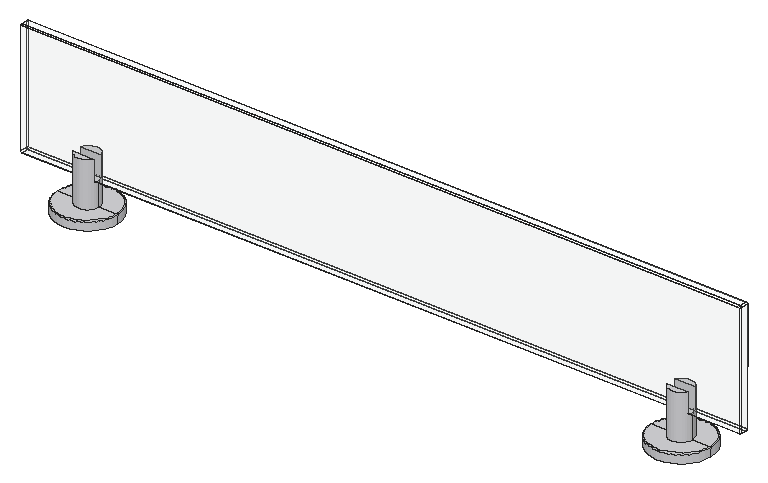
Revit family "Accessory-Shelf-KOHLER-Stillness-K-14455", category Specialty Equipment, host Face, Revit 2015
Parameters (values of type "CP- Polished Chrome")
  Width = 4 5/8"  # constant formula
  WaterSense Certified = 1 = 0  # no
  URL = "https://www.us.kohler.com/us/"
  Type = 1
  Product Page URL = "http://www.us.kohler.com/us/catalog/productDetails.jsp?productNumber=14455"
  Product Name = "Stillness"  # constant formula
  Product Documentation Link = "https://www.us.kohler.com/webassets/kpna/catalog/pdf/en/K-14455_spec.pdf"
  Model = if(Type = 1, "K-14455-CP", if(Type = 2, "K-14455-BN", "NA"))  # "K-14455-CP"
  Material = "Solid-brass construction"  # constant formula
  MasterFormat 2004 = "10.28.13"  # constant formula
  MasterFormat 1995 = "10820"  # constant formula
  Manufacturer Address = "444 Highland Dr, Kohler, WI 53044"  # constant formula
  Manufacturer = "KOHLER Co."  # constant formula
  Length = 22 1/2"  # constant formula
  Height = 1 7/8"  # constant formula
  Finish = Kohler-Metal-CP-Polished_Chrome
  Environmental Product Declaration = ""
  Description = "Glass Shelf"  # constant formula
  Default Elevation = 42"
  Declare Label = ""
  Date Modified = "06/06/2019"  # constant formula
  Date Created = "06/06/2019"  # constant formula
  Copyright = "Copyright KOHLER Co."  # constant formula
  Contact Us = "https://www.us.kohler.com/us/static/contact.jsp"
  Assembly Code = "C1030200"
  ADA Compliant = 1 = 0  # no
Types (3): name | Type | Model | Finish
  (no name) | 1 | "K-14455-CP" | Kohler-Metal-CP-Polished_Chrome
  CP- Polished Chrome | 1 | "K-14455-CP" | Kohler-Metal-CP-Polished_Chrome
  BN- Vibrant Brushed Nickel | 2 | "K-14455-BN" | Kohler-Metal-BN-Vibrant_Brushed_Nickel
Reference planes (in)
  plane 1 "Center (Front/Back)": y = 0
  plane 2: z = 0
  plane 3 "Center (Left/Right)": x = 0
  plane 4: y = 0.9375
  plane 5: y = -0.9375
  plane 6: x = -8.3125
  plane 7: x = -10.1875
  plane 8: x = 9.25
  plane 9: x = 10.1875
  plane 10: x = 8.3125
  plane 11: x = 11.25
  plane 12: x = -11.25
  plane 13: x = -9.25
  plane 14: z = 1.00492
  plane 15: z = 4.625
Dimensions and locks (in)
  "Length": plane 12 to plane 11
  locked: plane 13 to plane 8 at 18.5
  plane 6 to plane 7 = 1 7/8"
  "Width": plane 15 to plane 2
  "Height": plane 4 to plane 5
  aligned and locked: plane 2 to host face
  aligned and locked: level to host face
Automatic sketch dimensions
  host sketch curve to host sketch curve = 96"  (x2)
Nested families (in)
  nested 1: "K-14455" at (0, 0, 0), type "K-14455"
Definition of nested family "K-14455"
  Parameters (values of type "K-14455")
    Material = none
  Reference planes (in)
    plane 1 "Center (Front/Back)": y = 0
    plane 2: z = 0
    plane 3 "Center (Left/Right)": x = 0
    plane 4: x = -11.25
    plane 5: x = 11.25
    plane 6: z = 4.625
    plane 7: y = 0.9375
    plane 8: y = -0.9375
    plane 9: y = -0.9375
    plane 10: x = -9.25
    plane 11: x = 9.25
    plane 12: x = -10.1875
    plane 13: x = -8.3125
    plane 14: x = 10.1875
    plane 15: x = 8.3125
    plane 16: z = 1.00492
  Forms (in)
    Revolve 1, solid, material <- "Material", detail levels medium+fine
      sketch origin (0, 0, 0) x (1, 0, 0) y (0, 0, 1)
        loop
          line (-9.25, 0) -> (-9.25, 1.65354) -> (-9.6063, 1.65354) -> (-9.6063, 0.27559) -> (-10.16653, 0.27559)
          arc (-10.16653, 0.27559) -> (-10.18136, 0.26945) -> (-10.1875, 0.25462) r 0.02097
          line (-10.1875, 0.25462) -> (-10.1875, 0) -> (-9.25, 0)
        axis (-9.25, 0) -> (-9.25, 1.65354)
      angle from 0 to 360
    Revolve 2, solid, material <- "Material", detail levels medium+fine
      sketch origin (0, 0, 0) x (-1, 0, 0) y (0, 0, 1)
        loop
          line (-9.25, 0) -> (-9.25, 1.65354) -> (-9.6063, 1.65354) -> (-9.6063, 0.27559) -> (-10.16653, 0.27559)
          arc (-10.16653, 0.27559) -> (-10.18136, 0.26945) -> (-10.1875, 0.25462) r 0.02097
          line (-10.1875, 0.25462) -> (-10.1875, 0) -> (-9.25, 0)
        axis (-9.25, 0) -> (-9.25, 1.65354)
      angle from 0 to 360
    Sweep 3, solid, detail levels medium+fine
      path origin (0, 0, 0) x (1, 0, 0) y (0, 0, 1)
        loop
          line (-11.21063, 4.56046) -> (-11.21063, 1.06946) -> (-11.18546, 1.04429) -> (11.18546, 1.04429) -> (11.21063, 1.06946) -> (11.21063, 4.56046) -> (11.18546, 4.58563) -> (-11.18546, 4.58563) -> (-11.21063, 4.56046)
      profile origin (-11.21063, 0, 4.56046) x (0, -1, 0) y (1, 0, 0)
        loop
          line (0.11811, -0.03937) -> (0.15748, 0) -> (-0.15748, 0) -> (-0.11811, -0.03937) -> (0.11811, -0.03937)
    Extrusion 4, solid, detail levels medium+fine
      sketch origin (0, 0, 0) x (1, 0, 0) y (0, 0, 1)
        loop
          line (-11.21063, 1.06946) -> (-11.18546, 1.04429) -> (11.18546, 1.04429) -> (11.21063, 1.06946) -> (11.21063, 4.56046) -> (11.18546, 4.58563) -> (-11.18546, 4.58563) -> (-11.21063, 4.56046) -> (-11.21063, 1.06946)
      from -0.15748 to 0.15748
    Extrusion 5, void
      sketch origin (0, 0, 0) x (0, 1, 0) y (0, 0, 1)
        loop
          line (-0.15748, 1.65354) -> (-0.15748, 1.00492) -> (0.15748, 1.00492) -> (0.15748, 1.65354) -> (0.3563, 1.65354) -> (0.3563, 1.80108) -> (-0.3563, 1.80108) -> (-0.3563, 1.65354) -> (-0.15748, 1.65354)
      from -12.08822 to 12
    Revolve 6, solid, material <- "Material", detail levels coarse
      sketch origin (0, 0, 0) x (1, 0, 0) y (0, 0, 1)
        loop
          line (-9.6063, 1.65354) -> (-9.6063, 0.27559) -> (-10.1875, 0.27559) -> (-10.1875, 0) -> (-9.25, 0) -> (-9.25, 1.65354) -> (-9.6063, 1.65354)
        axis (-9.25, 0) -> (-9.25, 1.65354)
      angle from 0 to 360
    Revolve 7, solid, material <- "Material", detail levels coarse
      sketch origin (0, 0, 0) x (-1, 0, 0) y (0, 0, 1)
        loop
          line (-9.6063, 1.65354) -> (-9.6063, 0.27559) -> (-10.1875, 0.27559) -> (-10.1875, 0) -> (-9.25, 0) -> (-9.25, 1.65354) -> (-9.6063, 1.65354)
        axis (-9.25, 0) -> (-9.25, 1.65354)
      angle from 0 to 360
    Extrusion 8, solid, detail levels coarse
      sketch origin (0, 0, 0) x (1, 0, 0) y (0, 0, 1)
        loop
          line (-11.25, 4.625) -> (-11.25, 1.00492) -> (11.25, 1.00492) -> (11.25, 4.625) -> (-11.25, 4.625)
      from -0.15748 to 0.15748
  Cuts and joins
    joined: Sweep 3, Extrusion 4
    Extrusion 5 cuts Revolve 1
    Extrusion 5 cuts Revolve 2
    joined: Revolve 1, Revolve 2
    joined: Revolve 6, Revolve 7
  Lines and regions (in)
    Masking region 1
      outline origin (0, 0, 0) x (1, 0, 0) y (0, 0, 1)
        loop
          line (-11.25, 4.57677) -> (-11.25, 1.05315) -> (-11.20177, 1.00492) -> (-9.6063, 1.00492) -> (-9.6063, 0.27559) -> (-10.16653, 0.27559)
          arc (-10.16653, 0.27559) -> (-10.18136, 0.26945) -> (-10.1875, 0.25462) r 0.02097
          line (-10.1875, 0.25462) -> (-10.1875, 0) -> (-8.3125, 0) -> (-8.3125, 0.25462)
          arc (-8.3125, 0.25462) -> (-8.31864, 0.26945) -> (-8.33347, 0.27559) r 0.02097
          line (-8.33347, 0.27559) -> (-8.8937, 0.27559) -> (-8.8937, 1.00492) -> (8.8937, 1.00492) -> (8.8937, 0.27559) -> (8.33347, 0.27559)
          arc (8.33347, 0.27559) -> (8.31864, 0.26945) -> (8.3125, 0.25462) r 0.02097
          line (8.3125, 0.25462) -> (8.3125, 0) -> (10.1875, 0) -> (10.1875, 0.25462)
          arc (10.1875, 0.25462) -> (10.18136, 0.26945) -> (10.16653, 0.27559) r 0.02097
          line (10.16653, 0.27559) -> (9.6063, 0.27559) -> (9.6063, 1.00492) -> (11.20177, 1.00492) -> (11.25, 1.05315) -> (11.25, 4.57677) -> (11.20177, 4.625) -> (-11.20177, 4.625) -> (-11.25, 4.57677)
    Masking region 2
      outline origin (0, 0, 0) x (0, 1, 0) y (0, 0, 1)
        loop
          line (0.15748, 1.65354) -> (0.15748, 4.58563) -> (0.11811, 4.625) -> (-0.11811, 4.625) -> (-0.15748, 4.58563) -> (-0.15748, 1.65354) -> (-0.3563, 1.65354) -> (-0.3563, 0.27559) -> (-0.917, 0.27559)
          arc (-0.917, 0.27559) -> (-0.9315, 0.26959) -> (-0.9375, 0.25509) r 0.0205
          line (-0.9375, 0.25509) -> (-0.9375, 0) -> (0.9375, 0) -> (0.9375, 0.25509)
          arc (0.9375, 0.25509) -> (0.9315, 0.26959) -> (0.917, 0.27559) r 0.0205
          line (0.917, 0.27559) -> (0.3563, 0.27559) -> (0.3563, 1.65354) -> (0.15748, 1.65354)
    Masking region 3
      outline origin (0, 0, 0) x (1, 0, 0) y (0, 1, 0)
        loop
          arc (-9.25, 0.9375) -> (-9.85468, 0.71643) -> (-10.17418, 0.15748) r 0.9375
          line (-10.17418, 0.15748) -> (-11.21063, 0.15748) -> (-11.25, 0.11811) -> (-11.25, -0.11811) -> (-11.21063, -0.15748) -> (-10.17418, -0.15748)
          arc (-10.17418, -0.15748) -> (-9.85468, -0.71643) -> (-9.25, -0.9375) r 0.9375
          arc (-9.25, -0.9375) -> (-8.64532, -0.71643) -> (-8.32582, -0.15748) r 0.9375
          line (-8.32582, -0.15748) -> (8.32582, -0.15748)
          arc (8.32582, -0.15748) -> (8.64532, -0.71643) -> (9.25, -0.9375) r 0.9375
          arc (9.25, -0.9375) -> (9.85468, -0.71643) -> (10.17418, -0.15748) r 0.9375
          line (10.17418, -0.15748) -> (11.21063, -0.15748) -> (11.25, -0.11811) -> (11.25, 0.11811) -> (11.21063, 0.15748) -> (10.17418, 0.15748)
          arc (10.17418, 0.15748) -> (9.85468, 0.71643) -> (9.25, 0.9375) r 0.9375
          arc (9.25, 0.9375) -> (8.64532, 0.71643) -> (8.32582, 0.15748) r 0.9375
          line (8.32582, 0.15748) -> (-8.32582, 0.15748)
          arc (-8.32582, 0.15748) -> (-8.64532, 0.71643) -> (-9.25, 0.9375) r 0.9375
    symbolic lines, detail levels medium+fine
      curve 1: line (-9.6063, 0, 1.00492) -> (-9.56961, 0, 1.00492)
      curve 2: line (-9.56961, 0, 1.00492) -> (-9.56961, 0, 1.65354)
      curve 3: line (-9.56961, 0, 1.65354) -> (-8.93039, 0, 1.65354)
      curve 4: line (-8.93039, 0, 1.65354) -> (-8.93039, 0, 1.00492)
      curve 5: line (-8.93039, 0, 1.00492) -> (-8.8937, 0, 1.00492)
      curve 6: line (9.6063, 0, 1.00492) -> (9.56961, 0, 1.00492)
      curve 7: line (9.56961, 0, 1.00492) -> (9.56961, 0, 1.65354)
      curve 8: line (9.56961, 0, 1.65354) -> (8.93039, 0, 1.65354)
      curve 9: line (8.93039, 0, 1.65354) -> (8.93039, 0, 1.00492)
      curve 10: line (8.93039, 0, 1.00492) -> (8.8937, 0, 1.00492)
      curve 11: line (-9.6063, 0, 0.27559) -> (-8.8937, 0, 0.27559)
      curve 12: line (8.8937, 0, 0.27559) -> (9.6063, 0, 0.27559)
      curve 13: line (0, 0.15748, 1.65354) -> (0, 0.15748, 1.00492)
      curve 14: line (0, 0.15748, 1.00492) -> (0, -0.15748, 1.00492)
      curve 15: line (0, -0.15748, 1.00492) -> (0, -0.15748, 1.65354)
      curve 16: line (0, 0.3563, 0.27559) -> (0, -0.3563, 0.27559)
      curve 17: line (0, -0.9375, 0.25509) -> (0, 0.9375, 0.25509)
      curve 18: line (-10.1875, 0, 0.25462) -> (-8.3125, 0, 0.25462)
      curve 19: line (8.3125, 0, 0.25462) -> (10.1875, 0, 0.25462)
      curve 20: line (-10.17418, 0.15748, 0) -> (-9.56961, 0.15748, 0)
      curve 21: line (-10.17418, -0.15748, 0) -> (-9.56961, -0.15748, 0)
      curve 22: line (-8.32582, 0.15748, 0) -> (-8.93039, 0.15748, 0)
      curve 23: line (-8.32582, -0.15748, 0) -> (-8.93039, -0.15748, 0)
      curve 24: arc (-9.56961, -0.15748, 0) -> (-9.40748, 0.31961, 0) -> (-8.93039, 0.15748, 0) r 0.3563
      curve 25: line (-9.56961, 0.15748, 0) -> (-8.93039, 0.15748, 0)
      curve 26: arc (-9.56961, -0.15748, 0) -> (-9.09252, -0.31961, 0) -> (-8.93039, 0.15748, 0) r 0.3563
      curve 27: line (-9.56961, -0.15748, 0) -> (-8.93039, -0.15748, 0)
      curve 28: line (10.17418, 0.15748, 0) -> (9.56961, 0.15748, 0)
      curve 29: line (10.17418, -0.15748, 0) -> (9.56961, -0.15748, 0)
      curve 30: line (8.32582, 0.15748, 0) -> (8.93039, 0.15748, 0)
      curve 31: line (8.32582, -0.15748, 0) -> (8.93039, -0.15748, 0)
      curve 32: arc (9.56961, -0.15748, 0) -> (9.25, 0.3563, 0) -> (8.93039, -0.15748, 0) r 0.3563
      curve 33: line (9.56961, 0.15748, 0) -> (8.93039, 0.15748, 0)
      curve 34: arc (9.56961, -0.15748, 0) -> (9.25, -0.3563, 0) -> (8.93039, -0.15748, 0) r 0.3563
      curve 35: line (9.56961, -0.15748, 0) -> (8.93039, -0.15748, 0)
      curve 36: line (-11.18546, 0.15748, 0) -> (-11.20177, 0.11811, 0)
      curve 37: line (-11.20177, 0.11811, 0) -> (-11.25, 0.11811, 0)
      curve 38: line (11.20177, 0.11811, 0) -> (-11.20177, 0.11811, 0)
      curve 39: line (-11.25, -0.11811, 0) -> (-11.20177, -0.11811, 0)
      curve 40: line (-11.20177, -0.11811, 0) -> (-11.18546, -0.15748, 0)
      curve 41: line (-11.20177, -0.11811, 0) -> (11.20177, -0.11811, 0)
      curve 42: line (-11.20177, 0.11811, 0) -> (-11.20177, -0.11811, 0)
      curve 43: line (11.18546, 0.15748, 0) -> (11.20177, 0.11811, 0)
      curve 44: line (11.20177, 0.11811, 0) -> (11.20177, -0.11811, 0)
      curve 45: line (11.20177, -0.11811, 0) -> (11.18546, -0.15748, 0)
      curve 46: line (11.25, 0.11811, 0) -> (11.20177, 0.11811, 0)
      curve 47: line (11.20177, -0.11811, 0) -> (11.25, -0.11811, 0)
      curve 48: arc (-10.17418, -0.15748, 0) -> (-10.1875, 0, 0) -> (-10.17418, 0.15748, 0) r 0.9375
      curve 49: arc (-8.32582, -0.15748, 0) -> (-8.3125, 0, 0) -> (-8.32582, 0.15748, 0) r 0.9375
      curve 50: arc (10.17418, -0.15748, 0) -> (10.1875, 0, 0) -> (10.17418, 0.15748, 0) r 0.9375
      curve 51: arc (8.32582, -0.15748, 0) -> (8.3125, 0, 0) -> (8.32582, 0.15748, 0) r 0.9375
      curve 52: line (11.18546, 0, 1.04429) -> (11.20177, 0, 1.00492)
      curve 53: line (11.21063, 0, 1.06946) -> (11.25, 0, 1.05315)
      curve 54: line (11.21063, 0, 4.56046) -> (11.21063, 0, 1.06946)
      curve 55: line (11.18546, 0, 1.04429) -> (9.56961, 0, 1.04429)
      curve 56: line (11.21063, 0, 1.06946) -> (11.18546, 0, 1.04429)
      curve 57: line (11.21063, 0, 4.56046) -> (11.25, 0, 4.57677)
      curve 58: line (11.18546, 0, 4.58563) -> (11.21063, 0, 4.56046)
      curve 59: line (11.18546, 0, 4.58563) -> (11.20177, 0, 4.625)
      curve 60: line (-11.18546, 0, 4.58563) -> (11.18546, 0, 4.58563)
      curve 61: line (-11.18546, 0, 4.58563) -> (-11.20177, 0, 4.625)
      curve 62: line (-11.21063, 0, 4.56046) -> (-11.25, 0, 4.57677)
      curve 63: line (-11.21063, 0, 4.56046) -> (-11.18546, 0, 4.58563)
      curve 64: line (-11.21063, 0, 1.06946) -> (-11.21063, 0, 4.56046)
      curve 65: line (-11.18546, 0, 1.04429) -> (-11.20177, 0, 1.00492)
      curve 66: line (-11.25, 0, 1.05315) -> (-11.21063, 0, 1.06946)
      curve 67: line (-11.18546, 0, 1.04429) -> (-11.21063, 0, 1.06946)
      curve 68: line (8.93039, 0, 1.04429) -> (-8.93039, 0, 1.04429)
      curve 69: line (-9.56961, 0, 1.04429) -> (-11.18546, 0, 1.04429)
      curve 70: line (0, 0.15748, 4.56046) -> (0, 0.11811, 4.57677)
      curve 71: line (0, 0.11811, 4.625) -> (0, 0.11811, 4.57677)
      curve 72: line (0, 0.11811, 4.57677) -> (0, -0.11811, 4.57677)
      curve 73: line (0, -0.11811, 4.57677) -> (0, -0.11811, 4.625)
      curve 74: line (0, -0.11811, 4.57677) -> (0, -0.15748, 4.56046)
      curve 75: line (0, -0.11811, 1.05315) -> (0, -0.11811, 4.57677)
      curve 76: line (0, 0.11811, 4.57677) -> (0, 0.11811, 1.05315)
      curve 77: line (0, 0.11811, 1.05315) -> (0, 0.15748, 1.06946)
      curve 78: line (0, 0.11811, 1.00492) -> (0, 0.15748, 1.04429)
      curve 79: line (0, -0.11811, 1.05315) -> (0, 0.11811, 1.05315)
      curve 80: line (0, -0.15748, 1.06946) -> (0, -0.11811, 1.05315)
      curve 81: line (0, -0.15748, 1.04429) -> (0, -0.11811, 1.00492)
      curve 82: line (0, -0.11811, 1.00492) -> (0, -0.11811, 1.05315)
      curve 83: line (0, 0.11811, 1.05315) -> (0, 0.11811, 1.00492)
  Dimensions and locks (in)
    aligned and locked: plane 2 to level
